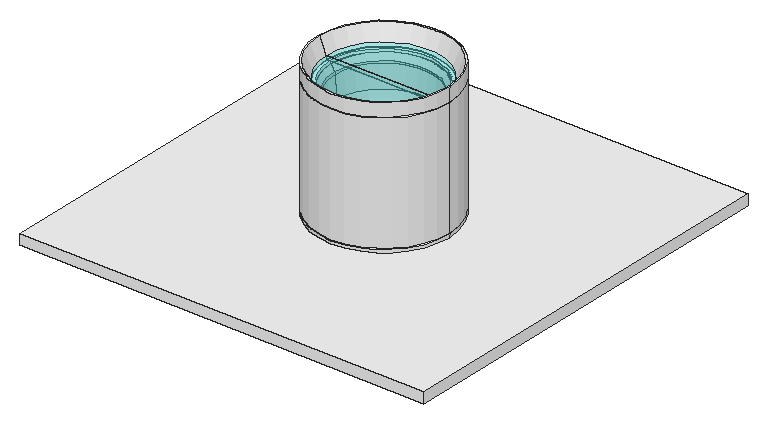
Revit family "BE_24527_de_DE", category Leuchten, Revit 2020
Family settings
  Basisbauteil = Fläche
  Bemaßung runder Anschluss = Durchmesser verwenden
  Teiletyp = Normal
  Beim Laden mit Abzugskörper schneiden = Ja
  Lichtquelle = Ja
  Gemeinsam genutzt = Nein
  Raumberechnungspunkt = Ja
Parameters (values of type "BEGA_24527_Weiß_K4")
  built-in parameter 1150104 = 16.147 (stored number, unit not read)
  Wattage = 16.8 W
  Default Elevation = 0 mm
  built-in parameter 1150113 = 1 (stored number, unit not read)
  built-in parameter 1114218 = 1 (stored number, unit not read)
  Umgebungstemperatur = "25 °C"
  URL = "https://www.bega.com/de/produkt/24527"
  Typenkommentare = "© 2022 BEGA. Wir behalten uns das Recht vor, technische Änderungen ohne vorherige Ankündigung vorzunehmen."  # constant formula
  built-in parameter 1150134 = 12
  built-in parameter 1150109 = 1 (stored number, unit not read)
  Strom = "0,5 A"
  built-in parameter 1150110 = 1 (stored number, unit not read)
  Spannung = 239.996 V
  Sonderanfertigung = no
  Seriennummer [instance] = "Hier können Sie die eindeutige Seriennummer für das Facility Management eintragen."
  Schutzklasse = "I"
  Schutzart = "IP 65"
  Scheinlast = 0 VA
  Produktdatenblatt = "https://cdn.bega.com/bega/products/24527WK4/current/documents/data-sheets/de"
  Oberflächentemperatur = ""
  Neigungswinkel = 0.00°
  Modell = "24527WK4"
  Material_17 = BEGA_Reflektor
  Material_15 = BEGA_Leuchtmedium_matt
  Material_13 = BEGA_Kunststoff_matt
  Material_11 = BEGA_Glas_opal
  Material_09 = BEGA_Glas_klar
  Material_06 = BEGA_Oberfläche_Edelstahl_gebürstet
  Material_03 = BEGA_Oberfläche_Weiss_matt
  Material_02 = BEGA_Oberfläche_Silber_matt
  Material_01 [instance] = BEGA_Oberfläche_Grafit_matt
  M_W = yes
  M_G = no
  M_A = no
  Logo = 0
  built-in parameter 1114217 = 1 (stored number, unit not read)
  built-in parameter 1150139 = (empty or 0)
  built-in parameter 1150105 = 232.37 (stored number, unit not read)
  built-in parameter 1150114 = 1 (stored number, unit not read)
  Lumens = 2920.01 lm
  built-in parameter 1150115 = 1 (stored number, unit not read)
  Leuchtenlichtstrom = "2086 lm"
  Leuchtenanzahl = ""
  Lebensdauerkriterien = "L70B50 @ 25 °C = 180000 h"
  Lastklassifizierung = Beleuchtung
  built-in parameter 1150112 = 1 (stored number, unit not read)
  Lampenlichtstrom = "2920 lm"
  Lampe = "LED 16.8 W"
  LED_Modulbezeichnung = "LED-0800/840"
  built-in parameter 1150142 = (empty or 0)
  Hersteller = "BEGA"  # constant formula
  Halbstreuwinkel = ""
  Gewicht = "1.25 kg"
  Gebrauchslageneinschränkung [instance] = ""
  Frequenz = "0/50-60 Hz"
  Farbwiedergabeindex = "CRI > 80"
  Farbtemperaturverschiebung bei Dämpfen der Lampe = <Keine Auswahl>
  Farbtemperatur = "4000 K"
  Color Filter = 16777215
  built-in parameter 1150133 = 10 (stored number, unit not read)
  Energieeffizienzklasse = "LED A++ - A"
  built-in parameter 1150137 = (empty or 0)
  built-in parameter 1150132 = (empty or 0)
  ENEC = ""
  Dimmbar [instance] = "DALI"
  Datei für fotometrisches Netz = "BE_24527K4.IES"
  CE_Konformität = "ja"
  Bestellnummer = "24527WK4"
  Beschreibung_Sonderanfertigung = "Hier können Sie Informationen zur Sonderanfertigung eintragen."
  Beschreibung = "Deckenaufbau-Tiefstrahler"
  built-in parameter 1150106 = 2.3237 (stored number, unit not read)
  Befestigungsbohrung = "Ø 4,3 mm"
  Befestigungsabstand = "106 mm"
  Ballwurfsicher = ""
  BEGA_Intern_aus = yes
  BEGA_Intern_an = yes
  BEGA_Intern_Konstruktion = yes
  BEGA_Intern = yes
  BEGA_IES = yes
  BEGA_Dummy = no
  Anschlussleitung = ""
  Anschlussleistung [instance] = "19.3 W"
  Anschlusskasten = ""
  built-in parameter 1150107 = 4000 (stored number, unit not read)
  built-in parameter 1150102 = (empty or 0)
  built-in parameter 1150138 = (empty or 0)
  Aktualisierung = "2022-05-18T04:00:07"
  Abstand_zur_angestrahlten_Fläche [instance] = ""
  AC/DC = "AC/DC"
Types (4, lengths in mm): name | built-in parameter 1150104 | built-in parameter 1150134 | Modell | M_W | M_G | built-in parameter 1150105 | Lumens | Leuchtenlichtstrom | Lampenlichtstrom | LED_Modulbezeichnung | built-in parameter 1150142 | Farbtemperatur | Datei für fotometrisches Netz | Bestellnummer | built-in parameter 1150106 | built-in parameter 1150107
  BEGA_24527_Weiß_K3 | 15.76 (stored number, unit not read) | (empty or 0) | "24527WK3" | yes | no | 226.79 (stored number, unit not read) | 2849.95 lm | "2036 lm" | "2850 lm" | "LED-0800/830" | "IESNA:LM-63-1995\r\n[TEST] \r\n[TESTLAB] BEGA\r\n[MANUFAC] BEGA\r\n[MORE] Copyright LUMCat V \r\n[LUMCAT] \r\n[LUMINAIRE] 24527K3\r\n[ISSUEDATE] 2020-11-11\r\n[LAMPCAT] LED  16,8W\r\n[LAMP]    2036 lm,19 W\r\nTILT=NONE\r\n1 -1 1.0 121 1 1 2 -0.105 0.000 0.000\r\n1.0 1.0 19\r\n   0.0   1.5   3.0   4.5   6.0   7.5   9.0  10.5  12.0  13.5  15.0  16.5  18.0\r\n  19.5  21.0  22.5  24.0  25.5  27.0  28.5  30.0  31.5  33.0  34.5  36.0  37.5\r\n  39.0  40.5  42.0  43.5  45.0  46.5  48.0  49.5  51.0  52.5  54.0  55.5  57.0\r\n  58.5  60.0  61.5  63.0  64.5  66.0  67.5  69.0  70.5  72.0  73.5  75.0  76.5\r\n  78.0  79.5  81.0  82.5  84.0  85.5  87.0  88.5  90.0  91.5  93.0  94.5  96.0\r\n  97.5  99.0 100.5 102.0 103.5 105.0 106.5 108.0 109.5 111.0 112.5 114.0 115.5\r\n 117.0 118.5 120.0 121.5 123.0 124.5 126.0 127.5 129.0 130.5 132.0 133.5 135.0\r\n 136.5 138.0 139.5 141.0 142.5 144.0 145.5 147.0 148.5 150.0 151.5 153.0 154.5\r\n 156.0 157.5 159.0 160.5 162.0 163.5 165.0 166.5 168.0 169.5 171.0 172.5 174.0\r\n 175.5 177.0 178.5 180.0\r\n   0.0\r\n    1091.8    1088.9    1080.3    1066.7    1050.3    1033.1    1017.1    1003.1\r\n     992.5     985.6     982.6     983.5     987.9     995.2    1004.6    1015.3\r\n    1025.8    1035.2    1042.0    1045.0    1042.6    1032.6    1013.0     979.0\r\n     927.4     858.1     776.3     687.9     600.5     519.6     448.5     388.1\r\n     337.3     294.0     256.6     223.4     194.1     167.9     144.7     124.2\r\n     106.2      90.5      76.8      64.8      54.4      45.3      37.4      30.4\r\n      24.3      18.8      13.9       9.6       5.7       2.5       0.5       0.0\r\n       0.0       0.0       0.0       0.0       0.0       0.0       0.0       0.0\r\n       0.0       0.0       0.0       0.0       0.0       0.0       0.0       0.0\r\n       0.0       0.0       0.0       0.0       0.0       0.0       0.0       0.0\r\n       0.0       0.0       0.0       0.0       0.0       0.0       0.0       0.0\r\n       0.0       0.0       0.0       0.0       0.0       0.0       0.0       0.0\r\n       0.0       0.0       0.0       0.0       0.0       0.0       0.0       0.0\r\n       0.0       0.0       0.0       0.0       0.0       0.0       0.0       0.0\r\n       0.0       0.0       0.0       0.0       0.0       0.0       0.0       0.0\r\n       0.0\r\n" | "3000 K" | "BE_24527K3.IES" | "24527WK3" | 2.2679 (stored number, unit not read) | 3000 (stored number, unit not read)
  BEGA_24527_Grafit_K4 | 16.147 (stored number, unit not read) | 12 | "24527K4" | no | yes | 232.37 (stored number, unit not read) | 2920.01 lm | "2086 lm" | "2920 lm" | "LED-0800/840" | (empty or 0) | "4000 K" | "BE_24527K4.IES" | "24527K4" | 2.3237 (stored number, unit not read) | 4000 (stored number, unit not read)
  BEGA_24527_Grafit_K3 | 15.76 (stored number, unit not read) | (empty or 0) | "24527K3" | no | yes | 226.79 (stored number, unit not read) | 2849.95 lm | "2036 lm" | "2850 lm" | "LED-0800/830" | (empty or 0) | "3000 K" | "BE_24527K3.IES" | "24527K3" | 2.2679 (stored number, unit not read) | 3000 (stored number, unit not read)
  BEGA_24527_Weiß_K4 | 16.147 (stored number, unit not read) | 12 | "24527WK4" | yes | no | 232.37 (stored number, unit not read) | 2920.01 lm | "2086 lm" | "2920 lm" | "LED-0800/840" | (empty or 0) | "4000 K" | "BE_24527K4.IES" | "24527WK4" | 2.3237 (stored number, unit not read) | 4000 (stored number, unit not read)
Reference planes
  plane 1 "Mitte (Vorne/Hinten)": y = 0
  plane 2: z = 0
  plane 3 "Mitte (Links/Rechts)": x = 0
  plane 4 "Links": x = -65
  plane 5 "Rechts": x = 65
  plane 6 "Unten": y = -65
  plane 7 "Oben": y = 65
  plane 8 "Vorne": z = 135.171
  plane 9 "Hinten": z = 0
Forms (mm)
  Extrusion 1, solid, material "BEGA_Platte_Weiss"
    sketch origin (0, -1119.2, 0) x (1, 0, 0) y (0, 1, 0)
      loop
        line (-200, 1319.2) -> (-200, 919.2) -> (200, 919.2) -> (200, 1319.2) -> (-200, 1319.2)
    from 0 to -10
  Extrusion 2, solid, material "BEGA_Dummy_matt", visible <- "BEGA_Dummy"
    sketch origin (77.149, -76.023, 0) x (1, 0, 0) y (0, 1, 0)
      loop
        circle (-77.149, 76.023) r 65
    from 0 to 135.171
Dimensions and locks
  plane 1 "Mitte (Vorne/Hinten)" to Extrusion 1 = 200 mm
  aligned and locked: Extrusion 1 to plane 2
  aligned and locked: Extrusion 1 to level
Nested families
  nested 1: "BE_24527" at (0, 0, 0), type "BE_24527"
Connectors
  electrical at (0, 0, 0), driven by "Lastklassifizierung", driven by "Spannung", driven by "Scheinlast"
    settings: index 1, voltage 239.996 V, apparent load 0 VA, apparent load phase1 0 VA, apparent load phase2 0 VA, apparent load phase3 0 VA, power factor 1, load classification "Beleuchtung", number of poles 1, system type 31, power factor state 1, is connector primary yes, connector utility no, sub classification motor no, connector description ""
Definition of nested family "BE_24527"
  Parameters (values of type "BE_24527")
    Default Elevation = 1 mm
    URL = "http://www.bega.de/de/produkt"
    Type Comments = "© 2015 BEGA. Wir behalten uns das Recht vor, technische Änderungen ohne vorherige Ankündigung vorzunehmen. "  # constant formula
    Type Image = (empty or 0)
    Neigungswinkel_um_Z2 = 0.00°
    Neigungswinkel_um_Z1 = 0.00°
    Neigungswinkel_um_Y2 = 0.00°
    Neigungswinkel_um_Y1 = 0.00°
    Neigungswinkel_um_X2 = 0.00°
    Neigungswinkel_um_X1 = 0.00°
    Material_17 = none
    Material_15 = none
    Material_13 = none
    Material_11 = none
    Material_09 = none
    Material_06 = none
    Material_03 = none
    Material_02 = none
    Material_01 = none
    M_W = yes
    M_G = yes
    M_A = yes
    Länge_Platte = 200 mm  # constant formula
    Höhe_Platte = -130 mm  # constant formula
    Manufacturer = "BEGA"  # constant formula
    Drehwinkel_um_Z2 = 0.00°
    Drehwinkel_um_Z1 = 0.00°
    Breite_Platte = 200 mm  # constant formula
  Reference planes
    plane 1 "Mitte (Oben/Unten)": y = 0
    plane 2: z = -10.029
    plane 3 "Mitte (Links/Rechts)": x = 0
    plane 4 "Hinten": z = -0.029
    plane 5 "Links": x = -65
    plane 6 "Rechts": x = 65
    plane 7 "Oben": y = 65
    plane 8 "Unten": y = -65
    plane 9: z = 135.171
  Forms (mm)
    Extrusion 1, solid, detail levels medium
      sketch origin (0, 0, 129.971) x (1, 0, 0) y (0, 1, 0)
        loop
          line (-100, 100) -> (-100, -100) -> (100, -100) -> (100, 100) -> (-100, 100)
      from -140 to -130 <- "Höhe_Platte"
    Revolve 2, solid, material <- "Material_01", visible <- "M_G"
      sketch origin (0, 0, -193.049) x (1, 0, 0) y (0, 0, 1)
        loop
          line (-65, 328.221) -> (-65, 315.221) -> (-60.05, 315.221) -> (-60.05, 297.221) -> (-57.684, 297.221) -> (-57.684, 307.221) -> (-53, 307.221) -> (-53, 309.721) -> (-56.306, 309.721) -> (-63.5, 328.221) -> (-65, 328.221)
        axis (0, 328.221) -> (0, 297.221)
      angle from 0 to 360
    Revolve 3, solid, material <- "Material_09"
      sketch origin (0, 0, -193.049) x (1, 0, 0) y (0, 0, 1)
        loop
          line (-56, 313.821) -> (-56, 309.721) -> (0, 309.721) -> (0, 313.821) -> (-56, 313.821)
        axis (0, 313.821) -> (0, 309.721)
      angle from 0 to 360
    Revolve 4, solid, material <- "Material_13"
      sketch origin (0, 0, -193.049) x (1, 0, 0) y (0, 0, 1)
        loop
          line (-20.603, 251.221) -> (0, 251.221) -> (0, 268.839) -> (-20, 268.49) -> (-20.603, 251.221)
        axis (0, 268.839) -> (0, 251.221)
      angle from 0 to 360
    Revolve 5, solid, material <- "Material_01", visible <- "M_G"
      sketch origin (0, 0, -193.049) x (1, 0, 0) y (0, 0, 1)
        loop
          line (-65, 314.221) -> (-65, 199.021) -> (-63, 199.021) -> (-63, 314.221) -> (-65, 314.221)
        axis (0, 314.221) -> (0, 199.021)
      angle from 0 to 360
    Revolve 6, solid, material <- "Material_17"
      sketch origin (0, 0, -193.049) x (1, 0, 0) y (0, 0, 1)
        loop
          line (-52.9, 305.621) -> (-50.364, 301.228) -> (-50.307, 299.218)
          arc (-50.307, 299.218) -> (-49.127, 284.4) -> (-45.943, 269.881) r 109.054
          arc (-45.943, 269.881) -> (-41.821, 260.226) -> (-35.531, 251.821) r 44.05
          line (-35.531, 251.821) -> (-20.526, 251.821) -> (-20.526, 253.421) -> (-34.919, 253.421)
          arc (-34.919, 253.421) -> (-38.845, 258.06) -> (-41.838, 263.35) r 32.507
          arc (-41.838, 263.35) -> (-44.556, 270.483) -> (-46.44, 277.88) r 66.592
          arc (-46.44, 277.88) -> (-48.072, 288.62) -> (-48.814, 299.459) r 131.822
          line (-48.814, 299.459) -> (-48.868, 301.437) -> (-52.207, 307.221) -> (-56.5, 307.221) -> (-56.5, 305.621) -> (-52.9, 305.621)
        axis (0, 307.221) -> (0, 251.821)
      angle from 0 to 360
    Revolve 7, solid, material <- "Material_03", visible <- "M_W"
      sketch origin (0, 0, -193.049) x (1, 0, 0) y (0, 0, 1)
        loop
          line (-58.345, 195.021) -> (-58.345, 206.021) -> (0, 206.021) -> (0, 209.021) -> (-58.345, 209.021) -> (-58.345, 216.021) -> (-60.777, 216.021) -> (-60.777, 198.021) -> (-65, 198.021) -> (-65, 195.021) -> (-58.345, 195.021)
        axis (0, 216.021) -> (0, 195.021)
      angle from 0 to 360
    Revolve 8, solid, material <- "Material_01", visible <- "M_G"
      sketch origin (0, 0, -193.049) x (1, 0, 0) y (0, 0, 1)
        loop
          line (-46.5, 193.021) -> (-46.046, 206.021) -> (-53, 206.021) -> (-53, 193.021) -> (-46.5, 193.021)
        axis (-53, 193.021) -> (-53, 206.021)
      angle from 0 to 360
    Revolve 9, solid, material <- "Material_01", visible <- "M_G"
      sketch origin (0, 0, -193.049) x (1, 0, 0) y (0, 0, 1)
        loop
          line (46.046, 206.021) -> (46.5, 193.021) -> (53, 193.021) -> (53, 206.021) -> (46.046, 206.021)
        axis (53, 193.021) -> (53, 206.021)
      angle from 0 to 360
    Revolve 10, void
      sketch origin (0, 0, -193.049) x (1, 0, 0) y (0, 0, 1)
        loop
          line (-53, 193.021) -> (-53, 213.021) -> (-55.075, 213.021) -> (-55.075, 193.021) -> (-53, 193.021)
        axis (-53, 193.021) -> (-53, 213.021)
      angle from 0 to 360
    Revolve 11, void
      sketch origin (0, 0, -193.049) x (1, 0, 0) y (0, 0, 1)
        loop
          line (53, 193.021) -> (53, 226.938) -> (50.925, 226.938) -> (50.925, 193.021) -> (53, 193.021)
        axis (53, 193.021) -> (53, 226.938)
      angle from 0 to 360
    Revolve 12, solid, material <- "Material_03", visible <- "M_W"
      sketch origin (0, 0, -193.049) x (1, 0, 0) y (0, 0, 1)
        loop
          line (-65, 328.221) -> (-65, 315.221) -> (-60.05, 315.221) -> (-60.05, 297.221) -> (-57.684, 297.221) -> (-57.684, 307.221) -> (-53, 307.221) -> (-53, 309.721) -> (-56.306, 309.721) -> (-63.5, 328.221) -> (-65, 328.221)
        axis (0, 328.221) -> (0, 297.221)
      angle from 0 to 360
    Revolve 13, solid, material <- "Material_03", visible <- "M_W"
      sketch origin (0, 0, -193.049) x (1, 0, 0) y (0, 0, 1)
        loop
          line (-65, 314.221) -> (-65, 199.021) -> (-63, 199.021) -> (-63, 314.221) -> (-65, 314.221)
        axis (0, 314.221) -> (0, 199.021)
      angle from 0 to 360
    Revolve 14, solid, material <- "Material_01", visible <- "M_G"
      sketch origin (0, 0, -193.049) x (1, 0, 0) y (0, 0, 1)
        loop
          line (-58.345, 195.021) -> (-58.345, 206.021) -> (0, 206.021) -> (0, 209.021) -> (-58.345, 209.021) -> (-58.345, 216.021) -> (-60.777, 216.021) -> (-60.777, 198.021) -> (-65, 198.021) -> (-65, 195.021) -> (-58.345, 195.021)
        axis (0, 216.021) -> (0, 195.021)
      angle from 0 to 360
    Revolve 15, void
      sketch origin (0, 0, -193.049) x (1, 0, 0) y (0, 0, 1)
        loop
          line (53, 193.021) -> (55.1, 193.021) -> (55.1, 226.674) -> (53, 226.674) -> (53, 193.021)
        axis (53, 193.021) -> (53, 226.674)
      angle from 0 to 360
    Revolve 16, void
      sketch origin (0, 0, -193.049) x (1, 0, 0) y (0, 0, 1)
        loop
          line (-53, 184.145) -> (-50.9, 184.145) -> (-50.9, 219.145) -> (-53, 219.145) -> (-53, 184.145)
        axis (-53, 219.145) -> (-53, 184.145)
      angle from 0 to 360
    Revolve 17, solid, material <- "Material_03", visible <- "M_W"
      sketch origin (0, 0, -193.049) x (1, 0, 0) y (0, 0, 1)
        loop
          line (46.046, 206.021) -> (46.5, 193.021) -> (53, 193.021) -> (53, 206.021) -> (46.046, 206.021)
        axis (53, 193.021) -> (53, 206.021)
      angle from 0 to 360
    Revolve 18, solid, material <- "Material_03", visible <- "M_W"
      sketch origin (0, 0, -193.049) x (1, 0, 0) y (0, 0, 1)
        loop
          line (-46.5, 193.021) -> (-46.046, 206.021) -> (-53, 206.021) -> (-53, 193.021) -> (-46.5, 193.021)
        axis (-53, 193.021) -> (-53, 206.021)
      angle from 0 to 360
  Cuts and joins
    Revolve 10, Revolve 11 cuts Revolve 7
    joined: Revolve 7, Revolve 12
    Revolve 16 cuts Revolve 8
    Revolve 15 cuts Revolve 9
    Revolve 15, Revolve 16 cuts Revolve 14
    joined: Revolve 8, Revolve 9, Revolve 14
    Revolve 15 cuts Revolve 17
    Revolve 16 cuts Revolve 18
  Dimensions and locks
    equal spacing: Extrusion 1 sketch curve, plane 3 "Mitte (Links/Rechts)", Extrusion 1 sketch curve
    equal spacing: Extrusion 1 sketch curve, plane 1 "Mitte (Oben/Unten)", Extrusion 1 sketch curve
    "Länge_Platte": Extrusion 1 sketch curve to Extrusion 1 sketch curve
    "Breite_Platte": Extrusion 1 sketch curve to Extrusion 1 sketch curve
    aligned and locked: plane 2 to Extrusion 1
  Automatic sketch dimensions
    Revolve 2 sketch curve to plane 3 "Mitte (Links/Rechts)" = 65 mm
    Revolve 2 sketch curve to Revolve 2 sketch curve = 1.5 mm
    Revolve 2 sketch curve to Revolve 2 sketch curve = 4.95 mm  (x2)
    Revolve 2 sketch curve to Revolve 2 sketch curve = 2.365 mm
    Revolve 2 sketch curve to Revolve 2 sketch curve = 1.379 mm
    Revolve 2 sketch curve to Revolve 2 sketch curve = 10 mm
    Revolve 2 sketch curve to Revolve 2 sketch curve = 2.5 mm
    Revolve 2 sketch curve to Revolve 2 sketch curve = 5.5 mm
    Revolve 2 sketch curve to Revolve 2 sketch curve = 13 mm
    Revolve 2 sketch curve to Revolve 2 sketch curve = 3.306 mm
    Revolve 3 sketch curve to plane 3 "Mitte (Links/Rechts)" = 0 mm  (x2)
    Revolve 3 sketch curve to Revolve 3 sketch curve = 56 mm
    Revolve 3 sketch curve to Revolve 3 sketch curve = 4.1 mm
    Revolve 4 sketch curve to plane 3 "Mitte (Links/Rechts)" = 0 mm  (x2)
    Revolve 4 sketch curve to plane 3 "Mitte (Links/Rechts)" = 20 mm
    Revolve 4 sketch curve to Revolve 4 sketch curve = 0.603 mm
    Revolve 4 sketch curve to Revolve 4 sketch curve = 17.269 mm
    Revolve 4 sketch curve to Revolve 4 sketch curve = 17.618 mm
    Revolve 5 sketch curve to plane 3 "Mitte (Links/Rechts)" = 65 mm
    Revolve 5 sketch curve to plane 3 "Mitte (Links/Rechts)" = 63 mm
    Revolve 6 sketch curve to Revolve 6 sketch curve = 3.6 mm
    Revolve 6 sketch curve to Revolve 6 sketch curve = 0.693 mm
    Revolve 6 sketch curve to Revolve 6 sketch curve = 2.536 mm
    Revolve 6 sketch curve to Revolve 6 sketch curve = 0.057 mm
    Revolve 6 sketch curve to Revolve 6 sketch curve = 1.496 mm
    Revolve 6 sketch curve to Revolve 6 sketch curve = 1.493 mm
    Revolve 6 sketch curve to plane 3 "Mitte (Links/Rechts)" = 34.919 mm
    Revolve 6 sketch curve to Revolve 6 sketch curve = 14.392 mm
    Revolve 6 sketch curve to plane 3 "Mitte (Links/Rechts)" = 12.175 mm
    Revolve 6 sketch curve to plane 3 "Mitte (Links/Rechts)" = 3.659 mm
    plane 3 "Mitte (Links/Rechts)" to Revolve 6 sketch curve = 18.928 mm
    Revolve 6 sketch curve to Revolve 6 sketch curve = 24.219 mm
    Revolve 6 sketch curve to Revolve 6 sketch curve = 1.6 mm  (x2)
    Revolve 6 sketch curve to Revolve 6 sketch curve = 23.226 mm
    Revolve 6 sketch curve to Revolve 6 sketch curve = 5.581 mm
    Revolve 6 sketch curve to Revolve 6 sketch curve = 8.361 mm
    Revolve 6 sketch curve to Revolve 6 sketch curve = 35.868 mm
    Revolve 6 sketch curve to Revolve 6 sketch curve = 0.241 mm
    Revolve 6 sketch curve to Revolve 6 sketch curve = 9.858 mm
    Revolve 6 sketch curve to Revolve 6 sketch curve = 2.011 mm
    Revolve 6 sketch curve to Revolve 6 sketch curve = 0.209 mm
    Revolve 6 sketch curve to Revolve 6 sketch curve = 2.59 mm
    Revolve 6 sketch curve to Revolve 6 sketch curve = 4.393 mm
    Revolve 6 sketch curve to Revolve 6 sketch curve = 0 mm  (x2)
    Revolve 6 sketch curve to Revolve 6 sketch curve = 4.105 mm
    Revolve 6 sketch curve to Revolve 6 sketch curve = 0.612 mm
    Revolve 7 sketch curve to plane 3 "Mitte (Links/Rechts)" = 0 mm  (x2)
    Revolve 7 sketch curve to Revolve 7 sketch curve = 0 mm
    Revolve 7 sketch curve to Revolve 7 sketch curve = 2.432 mm
    Revolve 7 sketch curve to level = 128 mm
    Revolve 7 sketch curve to Revolve 7 sketch curve = 3 mm  (x2)
    Revolve 7 sketch curve to Revolve 7 sketch curve = 58.345 mm
    Revolve 7 sketch curve to Revolve 7 sketch curve = 4.223 mm
    Revolve 10 sketch curve to Revolve 10 sketch curve = 2.075 mm
    Revolve 10 sketch curve to plane 3 "Mitte (Links/Rechts)" = 53 mm
    Revolve 10 sketch curve to level = 130 mm
    plane 3 "Mitte (Links/Rechts)" to Revolve 11 sketch curve = 50.925 mm
    Revolve 11 sketch curve to Revolve 11 sketch curve = 2.075 mm
    Revolve 11 sketch curve to level = 130 mm
    Revolve 2 sketch curve to plane 3 "Mitte (Links/Rechts)" = 0 mm
    Revolve 2 sketch curve to level = 25.8 mm
    Revolve 2 sketch curve to plane 4 "Hinten" = 174.158 mm
    Revolve 2 sketch curve to Revolve 2 sketch curve = 80.211 mm
    Revolve 3 sketch curve to level = 13.3 mm
    Revolve 3 sketch curve to plane 4 "Hinten" = 174.158 mm
    Revolve 3 sketch curve to Revolve 3 sketch curve = 94.611 mm
    Revolve 4 sketch curve to level = 71.8 mm
    Revolve 4 sketch curve to plane 4 "Hinten" = 174.158 mm
    Revolve 4 sketch curve to Revolve 4 sketch curve = 139.593 mm
    Revolve 5 sketch curve to plane 3 "Mitte (Links/Rechts)" = 0 mm
    Revolve 5 sketch curve to level = 124 mm
    Revolve 5 sketch curve to Revolve 5 sketch curve = 115.2 mm
    Revolve 5 sketch curve to plane 4 "Hinten" = 174.158 mm
    Revolve 5 sketch curve to Revolve 5 sketch curve = 94.211 mm
    Revolve 6 sketch curve to plane 3 "Mitte (Links/Rechts)" = 0 mm
    Revolve 6 sketch curve to level = 71.2 mm
    Revolve 6 sketch curve to plane 4 "Hinten" = 174.158 mm
    Revolve 6 sketch curve to Revolve 6 sketch curve = 101.211 mm
    Revolve 7 sketch curve to Revolve 7 sketch curve = 8 mm
    Revolve 7 sketch curve to Revolve 7 sketch curve = 7 mm
    Revolve 7 sketch curve to plane 4 "Hinten" = 174.158 mm
    Revolve 7 sketch curve to Revolve 7 sketch curve = 199.411 mm
    Revolve 10 sketch curve to Revolve 10 sketch curve = 20 mm
    Revolve 10 sketch curve to Revolve 10 sketch curve = 0 mm
    Revolve 10 sketch curve to level = 132 mm
    Revolve 10 sketch curve to Revolve 10 sketch curve = 1.913 mm
    Revolve 11 sketch curve to level = 96.083 mm
    Revolve 11 sketch curve to Revolve 11 sketch curve = 0 mm
    Revolve 11 sketch curve to Revolve 11 sketch curve = 2 mm
    Revolve 11 sketch curve to Revolve 11 sketch curve = 9.882 mm
    Revolve 12 sketch curve to plane 9 = 0 mm
    Revolve 12 sketch curve to plane 3 "Mitte (Links/Rechts)" = 0 mm
    Revolve 12 sketch curve to plane 9 = 21 mm
    Revolve 12 sketch curve to plane 3 "Mitte (Links/Rechts)" = 53 mm
    Revolve 12 sketch curve to plane 9 = 18.5 mm
    Revolve 12 sketch curve to Revolve 12 sketch curve = 3.306 mm
    Revolve 12 sketch curve to Revolve 12 sketch curve = 4.684 mm
    Revolve 12 sketch curve to plane 9 = 13 mm
    Revolve 12 sketch curve to Revolve 12 sketch curve = 3.744 mm
    Revolve 12 sketch curve to Revolve 12 sketch curve = 2.366 mm
    Revolve 12 sketch curve to Revolve 12 sketch curve = 3.45 mm
    Revolve 12 sketch curve to Revolve 12 sketch curve = 1.5 mm
    Revolve 12 sketch curve to Revolve 12 sketch curve = 10 mm
    Revolve 12 sketch curve to plane 4 "Hinten" = 174.158 mm
    plane 9 to Revolve 12 sketch curve = 80.211 mm
    Revolve 13 sketch curve to plane 3 "Mitte (Links/Rechts)" = 0 mm
    Revolve 13 sketch curve to plane 9 = 14 mm
    Revolve 13 sketch curve to plane 3 "Mitte (Links/Rechts)" = 63 mm
    Revolve 13 sketch curve to Revolve 13 sketch curve = 2 mm
    Revolve 13 sketch curve to level = 124 mm
    Revolve 13 sketch curve to plane 4 "Hinten" = 174.158 mm
    plane 9 to Revolve 13 sketch curve = 80.211 mm
    Revolve 14 sketch curve to plane 3 "Mitte (Links/Rechts)" = 0 mm  (x2)
    Revolve 14 sketch curve to level = 107 mm
    Revolve 14 sketch curve to plane 3 "Mitte (Links/Rechts)" = 58.345 mm
    Revolve 14 sketch curve to level = 128 mm
    Revolve 14 sketch curve to Revolve 14 sketch curve = 0 mm
    Revolve 14 sketch curve to Revolve 14 sketch curve = 2.432 mm
    Revolve 14 sketch curve to Revolve 14 sketch curve = 4.223 mm
    Revolve 14 sketch curve to Revolve 14 sketch curve = 3 mm  (x2)
    Revolve 14 sketch curve to Revolve 14 sketch curve = 8 mm
    Revolve 14 sketch curve to plane 4 "Hinten" = 174.158 mm
    plane 9 to Revolve 14 sketch curve = 80.211 mm
    Revolve 9 sketch curve to level = 130 mm
    Revolve 9 sketch curve to level = 117 mm
    plane 3 "Mitte (Links/Rechts)" to Revolve 9 sketch curve = 46.046 mm
    Revolve 9 sketch curve to Revolve 9 sketch curve = 0.454 mm
    Revolve 9 sketch curve to Revolve 9 sketch curve = 6.5 mm
    Revolve 9 sketch curve to Revolve 9 sketch curve = 0 mm
    Revolve 9 sketch curve to level = 132 mm
    Revolve 9 sketch curve to Revolve 9 sketch curve = 11.035 mm
    Revolve 15 sketch curve to level = 130 mm  (x2)
    plane 3 "Mitte (Links/Rechts)" to Revolve 15 sketch curve = 53 mm
    Revolve 15 sketch curve to Revolve 15 sketch curve = 2.1 mm
    Revolve 15 sketch curve to level = 96.346 mm
    Revolve 15 sketch curve to Revolve 15 sketch curve = 0 mm
    Revolve 15 sketch curve to Revolve 15 sketch curve = 8.23 mm
    Revolve 8 sketch curve to level = 130 mm  (x2)
    Revolve 8 sketch curve to plane 3 "Mitte (Links/Rechts)" = 46.5 mm
    Revolve 8 sketch curve to level = 117 mm
    Revolve 8 sketch curve to Revolve 8 sketch curve = 0.454 mm
    Revolve 8 sketch curve to Revolve 8 sketch curve = 6.954 mm
    Revolve 8 sketch curve to Revolve 8 sketch curve = 0 mm  (x2)
    Revolve 17 sketch curve to level = 130 mm
    Revolve 17 sketch curve to level = 117 mm
    plane 3 "Mitte (Links/Rechts)" to Revolve 17 sketch curve = 46.046 mm
    Revolve 17 sketch curve to Revolve 17 sketch curve = 0.454 mm
    Revolve 17 sketch curve to Revolve 17 sketch curve = 6.954 mm
    Revolve 17 sketch curve to Revolve 17 sketch curve = 0 mm
    Revolve 17 sketch curve to Revolve 17 sketch curve = 2 mm
    Revolve 17 sketch curve to Revolve 17 sketch curve = 11.035 mm
    Revolve 18 sketch curve to level = 130 mm  (x2)
    Revolve 18 sketch curve to level = 117 mm
    Revolve 18 sketch curve to plane 3 "Mitte (Links/Rechts)" = 53 mm
    Revolve 18 sketch curve to Revolve 18 sketch curve = 6.5 mm
    Revolve 18 sketch curve to Revolve 18 sketch curve = 6.954 mm
    Revolve 18 sketch curve to Revolve 18 sketch curve = 0 mm  (x2)
    Revolve 16 sketch curve to level = 138.876 mm
    Revolve 16 sketch curve to plane 3 "Mitte (Links/Rechts)" = 53 mm
    Revolve 16 sketch curve to Revolve 16 sketch curve = 2.1 mm
    Revolve 16 sketch curve to level = 103.876 mm
    Revolve 16 sketch curve to Revolve 16 sketch curve = 0 mm
    Revolve 16 sketch curve to Revolve 16 sketch curve = 1.976 mm
    Revolve 16 sketch curve to Revolve 16 sketch curve = 12.675 mm
